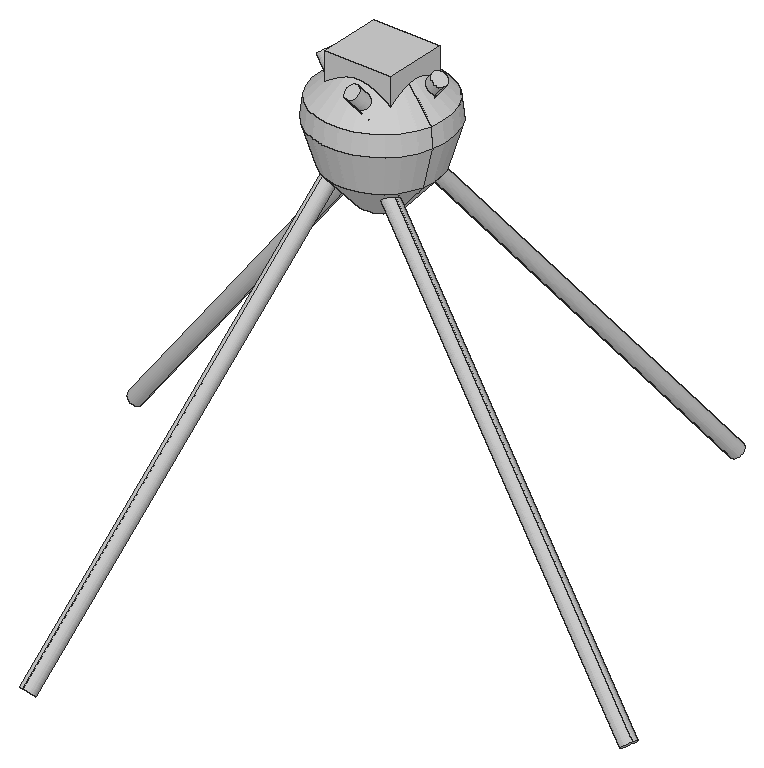
Revit family "316600 - Special Foundations - Diamond Pier - Generic", category Structural Foundations, Revit 2019
Family settings
  Material for Model Behavior = Other
  Cap = No
  OmniClass Number = 23.25.05.00
  OmniClass Title = Foundations
  Work Plane-Based = No
  Always vertical = Yes
  Cut with Voids When Loaded = No
  Shared = No
Parameters
  Structural Material = DIAMOND PIER DP-50/50 - (3300# B.L.C. AT 1500PSF SOILS, 4400# B.L.C. AT 2000PSF SOILS)
  Assembly Code = "A1010100"
Reference planes (in)
  plane 1 "Center (Front/Back)": y = 0
  plane 2: z = 0
  plane 3 "Center (Left/Right)": x = 0
Forms (in)
  Extrusion 1, solid, material "DIAMOND PIER DP-50/50 - (3300# B.L.C. AT 1500PSF SOILS, 4400# B.L.C. AT 2000PSF SOILS)" <- "Structural Material"
    sketch origin (0, 0, 0) x (0.974294, -0.225279, 0) y (0.225279, 0.974294, 0)
      loop
        line (-3.28932, 1.92794) -> (-2.10913, -3.17619) -> (3.28932, -1.92794) -> (2.10913, 3.17619) -> (-3.28932, 1.92794)
    from -3.43847 to 0
  Revolve 2, solid, material "DIAMOND PIER DP-50/50 - (3300# B.L.C. AT 1500PSF SOILS, 4400# B.L.C. AT 2000PSF SOILS)" <- "Structural Material"
    sketch origin (0, 0, 0) x (0.974294, -0.225279, 0) y (0, 0, 1)
      loop
        line (0, -11.49702) -> (1.72076, -11.48546) -> (4.37759, -8.55533) -> (5.4089, -5.20369) -> (5.21166, -3.57986) -> (1.95073, -0.5) -> (0, -0.5) -> (0, -11.49702)
      axis (0, -11.49702) -> (0, -0.5)
    angle from 0 to 360
  Extrusion 3, solid, material "DIAMOND PIER DP-50/50 - (3300# B.L.C. AT 1500PSF SOILS, 4400# B.L.C. AT 2000PSF SOILS)" <- "Structural Material"
    sketch origin (15.59969, -9.73607, -48.66381) x (0.744891, -0.172236, 0.644571) y (0.225279, 0.974294, 0)
      loop
        circle (14.32129, 4.23849) r 0.625
    from 0 to 50
  Extrusion 4, solid, not visible
    sketch origin (17.39202, -5.97151, -48.66381) x (0.764544, 0, 0.644571) y (0, 1, 0)
      loop
        circle (14.32129, 4.23849) r 0.625
    from 0 to 50
  Extrusion 5, solid, material "DIAMOND PIER DP-50/50 - (3300# B.L.C. AT 1500PSF SOILS, 4400# B.L.C. AT 2000PSF SOILS)" <- "Structural Material"
    sketch origin (9.73607, 15.59969, -48.66381) x (0.172236, 0.744891, 0.644571) y (-0.974294, 0.225279, 0)
      loop
        circle (14.32129, 4.23849) r 0.625
    from 0 to 50
  Extrusion 6, solid, material "DIAMOND PIER DP-50/50 - (3300# B.L.C. AT 1500PSF SOILS, 4400# B.L.C. AT 2000PSF SOILS)" <- "Structural Material"
    sketch origin (-15.59969, 9.73607, -48.66381) x (-0.744891, 0.172236, 0.644571) y (-0.225279, -0.974294, 0)
      loop
        circle (14.32129, 4.23849) r 0.625
    from 0 to 50
  Extrusion 7, solid, material "DIAMOND PIER DP-50/50 - (3300# B.L.C. AT 1500PSF SOILS, 4400# B.L.C. AT 2000PSF SOILS)" <- "Structural Material"
    sketch origin (-9.73607, -15.59969, -48.66381) x (-0.172236, -0.744891, 0.644571) y (0.974294, -0.225279, 0)
      loop
        circle (14.32129, 4.23849) r 0.625
    from 0 to 50
Dimensions and locks (in)
  aligned and locked: level to plane 2
